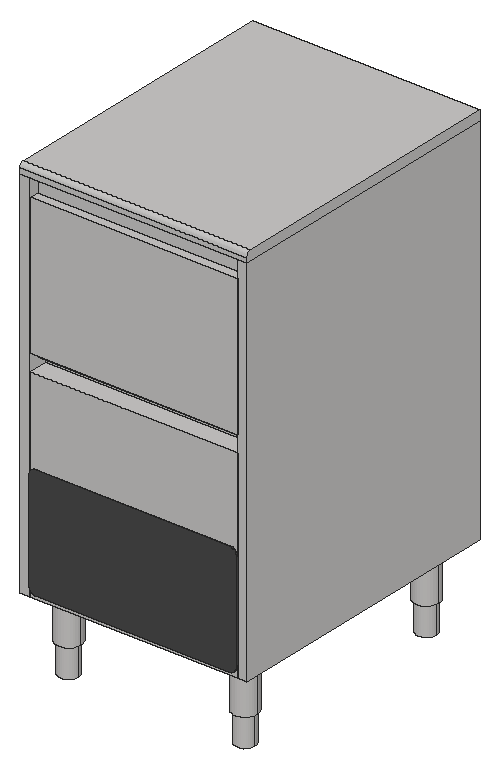
Revit family "QF_ELECTROLUXPROFESSIONAL_730288_IGE88I20SNP", category Attrezzature speciali, Revit 2018
Family settings
  Quota connettore circolare = Usa diametro
  Tipo di parte = Normale
  Basato su piano di lavoro = No
  Sempre verticale = Sì
  Taglio con vuoti quando caricato = No
  Condiviso = No
  Punto di calcolo locali = No
Parameters (values of type "Standard")
  Weight = 58.00 kg
  Watts = 0 W
  Volts = 220 V
  URL Manufacturer = "https://www.electroluxprofessional.com/"
  URL = "https://www.electroluxprofessional.com/"
  Steam Supply Size = 0 mm
  Steam Supply Minimum Pressure = 0.0 Pa
  Steam Supply Maximum Pressure = 0.0 Pa
  Steam Pounds per Hour = 0
  Show Logo [instance] = yes
  Show Clearance [instance] = yes
  Refrigeration Suction Line Size = 0 mm
  Refrigeration Liquid Line Size = 0 mm
  Refrigerant Compressor Remote = yes
  Produttore = "Electrolux Professional"
  Phase = 1
  Modello = "IGE88I20SNP"
  Length Actual = 465 mm  # constant formula
  Item Number = "730288"
  Hot Water Size = 0 mm
  Height Actual = 889 mm  # constant formula
  HP = "0 HP"
  Gas Size = 0 mm
  Gas KW = 0
  Gas Input Pressure = 0 W
  Descrizione = "WATER COOLED GRANULAR ICE XS 88KG/24H-BIN 20KG"
  Depth Actual = 595 mm  # constant formula
  Cycle = 50 Hz
  Condensate Return Size = 0 mm
  Compressed Air Volume = 0.0 L/s
  Compressed Air Size = 0 mm
  Compressed Air Pressure = 0.0 Pa
  Cold Water Size = 19.05 mm
  Accessory = yes
Reference planes
  plane 1 "Center X": y = 272.851
  plane 2: z = 0
  plane 3 "Center Y": x = -501.5
  plane 4 "LEFT": x = -734
  plane 5 "RIGHT": x = -269
  plane 6 "FRONT": y = -24.649
  plane 7 "BACK": y = 570.351
  plane 8: z = 155
  plane 9: z = 943
  plane 10: z = 923
  plane 11: x = -714
  plane 12: x = -289
  plane 13: y = 15.351
Forms (mm)
  Extrusion 1, solid, material "QF_Finishes_Black"
    sketch origin (-217.296, -24.649, 371.513) x (-1, 0, 0) y (0, 0, -1)
      loop
        arc (481.704, -21.487) -> (492.311, -17.093) -> (496.704, -6.487) r 15
        line (496.704, -6.487) -> (496.704, 194.469)
        arc (496.704, 194.469) -> (492.311, 205.075) -> (481.704, 209.469) r 15
        line (481.704, 209.469) -> (86.704, 209.469)
        arc (86.704, 209.469) -> (76.097, 205.075) -> (71.704, 194.469) r 15
        line (71.704, 194.469) -> (71.704, -6.487)
        arc (71.704, -6.487) -> (76.097, -17.093) -> (86.704, -21.487) r 15
        line (86.704, -21.487) -> (481.704, -21.487)
    from 0 to 2
  Extrusion 2, solid, material "QF_Finishes_Stainless Steel"
    sketch origin (-501.5, 0, 0) x (0, 1, 0) y (0, 0, 1)
      loop
        line (570.351, 923) -> (570.351, 943) -> (-14.649, 943)
        arc (-14.649, 943) -> (-21.72, 940.071) -> (-24.649, 933) r 10
        line (-24.649, 933) -> (-24.649, 923) -> (570.351, 923)
    from -232.5 to 232.5
  Extrusion 3, solid, material "QF_Finishes_Stainless Steel"
    sketch origin (-321.2, 570.351, -329.545) x (1, 0, 0) y (0, 0, -1)
      loop
        circle (-16.8, -655.545) r 10
    from 0 to 10
  Extrusion 4, solid, material "QF_Finishes_Stainless Steel"
    sketch origin (0, 0, 0) x (1, 0, 0) y (0, 1, 0)
      loop
        line (-734, 570.351) -> (-734, -24.649) -> (-714, -24.649) -> (-714, 570.351) -> (-734, 570.351)
    from 155 to 923
  Extrusion 5, solid, material "QF_Finishes_Stainless Steel"
    sketch origin (0, 0, 0) x (1, 0, 0) y (0, 1, 0)
      loop
        line (-289, 570.351) -> (-289, -24.649) -> (-269, -24.649) -> (-269, 570.351) -> (-289, 570.351)
    from 155 to 923
  Extrusion 6, solid, material "QF_Finishes_Stainless Steel"
    sketch origin (0, 0, 0) x (1, 0, 0) y (0, 1, 0)
      loop
        line (-714, 570.351) -> (-714, 15.351) -> (-289, 15.351) -> (-289, 570.351) -> (-714, 570.351)
    from 155 to 923
  Extrusion 7, solid, material "QF_Finishes_Stainless Steel"
    sketch origin (0, 0, 0) x (1, 0, 0) y (0, 1, 0)
      loop
        line (-714, -24.649) -> (-289, -24.649) -> (-289, 15.351) -> (-714, 15.351) -> (-714, -24.649)
    from 155 to 567.953
  Extrusion 8, solid, material "QF_Finishes_Stainless Steel"
    sketch origin (-501.5, 0, 0) x (0, 1, 0) y (0, 0, 1)
      loop
        line (15.351, 923) -> (-4.649, 923) -> (-4.649, 887) -> (-24.649, 887) -> (-24.649, 601.652) -> (-4.649, 601.652) -> (-4.649, 586.652) -> (15.351, 586.652) -> (15.351, 923)
    from -212.5 to 212.5
  Extrusion 9, solid, material "QF_Finishes_Stainless Steel"
    sketch origin (-303.2, 570.351, -440.545) x (1, 0, 0) y (0, 0, -1)
      loop
        circle (-16.8, -655.545) r 10
    from 0 to 10
  Extrusion 10, solid, material "QF_Finishes_Stainless Steel"
    sketch origin (-363.2, 570.351, -361.545) x (1, 0, 0) y (0, 0, -1)
      loop
        circle (-16.8, -655.545) r 10
    from 0 to 10
Lines and regions (mm)
  Split face 1
    outline origin (-501.5, -4.649, 923) x (0, 0, -1) y (1, 0, 0)
      loop
        line (5.715, 89.928) -> (30.715, 89.928) -> (30.715, 129.928) -> (5.715, 129.928) -> (5.715, 89.928)
  symbolic lines
    curve 1: line (-734, 570.351, 0) -> (-269, 570.351, 0)
    curve 2: line (-734, -24.649, 0) -> (-734, 570.351, 0)
    curve 3: line (-269, -24.649, 0) -> (-734, -24.649, 0)
    curve 4: line (-269, 570.351, 0) -> (-269, -24.649, 0)
Dimensions and locks
  equal spacing: plane 4 "LEFT", plane 3 "Center Y", plane 5 "RIGHT"
  plane 4 "LEFT" to plane 5 "RIGHT" = 465 mm
  equal spacing: plane 7 "BACK", plane 1 "Center X", plane 6 "FRONT"
  plane 7 "BACK" to plane 6 "FRONT" = 595 mm
  plane 8 to plane 2 = 155 mm
  plane 9 to plane 8 = 788 mm
  locked: plane 4 "LEFT" to plane 11 at 20
  locked: plane 12 to plane 5 "RIGHT" at 20
  locked: plane 9 to plane 10 at 20
  locked: plane 13 to plane 6 "FRONT" at 40
  aligned and locked: level to plane 2
  aligned and locked: plane 5 "RIGHT" to Extrusion 2
  aligned and locked: Extrusion 2 to plane 4 "LEFT"
  aligned and locked: Extrusion 4 sketch curve to Extrusion 2  (x2)
  aligned and locked: plane 6 "FRONT" to Extrusion 4 sketch curve
  aligned and locked: Extrusion 4 sketch curve to plane 11
  aligned and locked: Extrusion 5 sketch curve to plane 7 "BACK"
  aligned and locked: plane 12 to Extrusion 5 sketch curve
  aligned and locked: Extrusion 5 sketch curve to Extrusion 2  (x2)
  aligned and locked: plane 10 to Extrusion 4
  aligned and locked: plane 10 to Extrusion 5
  aligned and locked: Extrusion 4 to plane 8
  aligned and locked: Extrusion 5 to plane 8
  aligned and locked: Extrusion 6 sketch curve to Extrusion 4
  aligned and locked: Extrusion 4 to Extrusion 6 sketch curve
  aligned and locked: plane 13 to Extrusion 6 sketch curve
  aligned and locked: Extrusion 6 sketch curve to plane 12
  aligned and locked: plane 10 to Extrusion 6
  aligned and locked: Extrusion 6 to plane 8
  aligned and locked: Extrusion 4 to Extrusion 7 sketch curve
  aligned and locked: Extrusion 7 sketch curve to Extrusion 4
  aligned and locked: plane 13 to Extrusion 7 sketch curve
  aligned and locked: plane 12 to Extrusion 7 sketch curve
  aligned and locked: Extrusion 7 to plane 8
  aligned and locked: plane 12 to Extrusion 8
  aligned and locked: Extrusion 8 to plane 11
Automatic sketch dimensions
  curve 3 to plane 4 "LEFT" = 0 mm
  curve 3 to plane 5 "RIGHT" = 0 mm
  curve 3 to plane 6 "FRONT" = 0 mm
  curve 2 to plane 7 "BACK" = 0 mm
  Extrusion 1 sketch curve to plane 12 = 0 mm
  plane 8 to Extrusion 1 sketch curve = 7.044 mm
  Extrusion 1 sketch curve to Extrusion 1 sketch curve = 15 mm  (x3)
  plane 11 to Extrusion 1 sketch curve = 15 mm  (x2)
  Extrusion 1 sketch curve to Extrusion 1 sketch curve = 200.956 mm
  Extrusion 2 sketch curve to plane 6 "FRONT" = 0 mm
  Extrusion 2 sketch curve to plane 9 = 0 mm
  Extrusion 2 sketch curve to plane 7 "BACK" = 0 mm
  Extrusion 2 sketch curve to plane 10 = 0 mm
  plane 6 "FRONT" to Extrusion 2 sketch curve = 10 mm
  Extrusion 6 to Extrusion 3 sketch curve = 171 mm
  Extrusion 3 sketch curve to Extrusion 6 = 49 mm
  Split face 1 sketch curve to Extrusion 8 = 5.715 mm
  Extrusion 8 to Split face 1 sketch curve = 5.285 mm
  Split face 1 sketch curve to Extrusion 8 = 122.572 mm
  Split face 1 sketch curve to Split face 1 sketch curve = 40 mm
  Extrusion 9 sketch curve to Extrusion 6 = 31 mm
  Extrusion 6 to Extrusion 9 sketch curve = 60 mm
  Extrusion 10 sketch curve to Extrusion 6 = 91 mm
  Extrusion 6 to Extrusion 10 sketch curve = 139 mm
  Extrusion 8 sketch curve to plane 6 "FRONT" = 0 mm
  Extrusion 8 sketch curve to plane 10 = 0 mm
  Extrusion 8 sketch curve to plane 13 = 0 mm
  plane 6 "FRONT" to Extrusion 8 sketch curve = 20 mm
  Extrusion 8 sketch curve to Extrusion 8 sketch curve = 20 mm
  Extrusion 8 sketch curve to plane 10 = 36 mm
  Extrusion 8 sketch curve to Extrusion 8 sketch curve = 285.348 mm
  Extrusion 8 sketch curve to Extrusion 8 sketch curve = 15 mm
  radius of Extrusion 3 sketch curve = 10 mm
  radius of Extrusion 9 sketch curve = 10 mm
  radius of Extrusion 10 sketch curve = 10 mm
Nested families
  nested 1: "Foot_Complete" at (-682, 35.351, 0), type "Foot_Complete"
    with H 155 mm
  nested 2: "Foot_Complete" at (-321, 35.351, 0) x (-1, 0, 0) z (0, 0, 1), type "Foot_Complete"
    with H 155 mm
  nested 3: "Foot_Complete" at (-682, 499.351, 0), type "Foot_Complete"
    with H 155 mm
  nested 4: "Foot_Complete" at (-321, 499.351, 0) x (-1, 0, 0) z (0, 0, 1), type "Foot_Complete"
    with H 155 mm
Connectors
  electrical at (-320, 580.351, 215), driven by "Volts"
    settings: on Extrusion 9, index 1, voltage 220 V, apparent load 0 VA, apparent load phase1 0 VA, apparent load phase2 0 VA, apparent load phase3 0 VA, power factor 1, load classification "Altro", number of poles 1, system type 30, power factor state 1, is connector primary yes, connector utility no, sub classification motor no, connector description "Electrical Connection"
  piping at (-338, 580.351, 326), diameter 20
    settings: on Extrusion 3, index 2, connector inside diameter 609.6 mm, connector length 0 mm, flow factor 0, pipe flow 0.0 L/s, pressure drop 0.0 Pa, fitting loss kfactor 0, connector angle 0.00°, fixture units 0, engagement length 0 mm, angle of deflection 0.00°, flow configuration 0, flow direction 0, fitting loss method 0, system type 20, joint type 0, gender type 0, connector reference index -1, connector utility 0, adjustable connector no, is connector primary yes, connector description "Cold water"
  piping at (-380, 580.351, 294), diameter 20
    settings: on Extrusion 10, index 3, connector inside diameter 609.6 mm, connector length 0 mm, flow factor 0, pipe flow 0.0 L/s, pressure drop 0.0 Pa, fitting loss kfactor 0, connector angle 0.00°, fixture units 0, engagement length 0 mm, angle of deflection 0.00°, flow configuration 0, flow direction 0, fitting loss method 0, system type 16, joint type 0, gender type 0, connector reference index -1, connector utility 0, adjustable connector no, is connector primary no, connector description "Drain"
Definition of nested family "Foot_Complete"
  Parameters (values of type "Foot_Complete")
    R = 25 mm
    H = 153 mm
  Reference planes
    plane 1 "Centro (Fronte/Retro)": y = 0
    plane 2: z = 0
    plane 3 "Centro (Sinistra/Destra)": x = 0
    plane 4: z = 153
  Forms (mm)
    Revolve 1, solid
      sketch origin (255.05, 0, 608.09) x (0, 0, 1) y (-1, 0, 0)
        loop
          line (-608.09, 255.05) -> (-608.09, 235.05) -> (-548.09, 235.05) -> (-548.09, 230.05) -> (-455.09, 230.05) -> (-455.09, 255.05) -> (-608.09, 255.05)
        axis (-608.09, 255.05) -> (-455.09, 255.05)
      angle from 0 to 360
  Dimensions and locks
    level to Revolve 1 sketch curve = 60 mm
    "R": Revolve 1 sketch curve to plane 3 "Centro (Sinistra/Destra)"
    "H": plane 4 to level
    aligned and locked: level to plane 2
    aligned and locked: plane 4 to Revolve 1 sketch curve
    aligned and locked: Revolve 1 sketch curve to level
    aligned and locked: plane 3 "Centro (Sinistra/Destra)" to Revolve 1 sketch curve
  Automatic sketch dimensions
    Revolve 1 sketch curve to plane 3 "Centro (Sinistra/Destra)" = 0 mm
    plane 3 "Centro (Sinistra/Destra)" to Revolve 1 sketch curve = 20 mm
    Revolve 1 sketch curve to Revolve 1 sketch curve = 50 mm
    Revolve 1 sketch curve to Revolve 1 sketch curve = 20 mm
